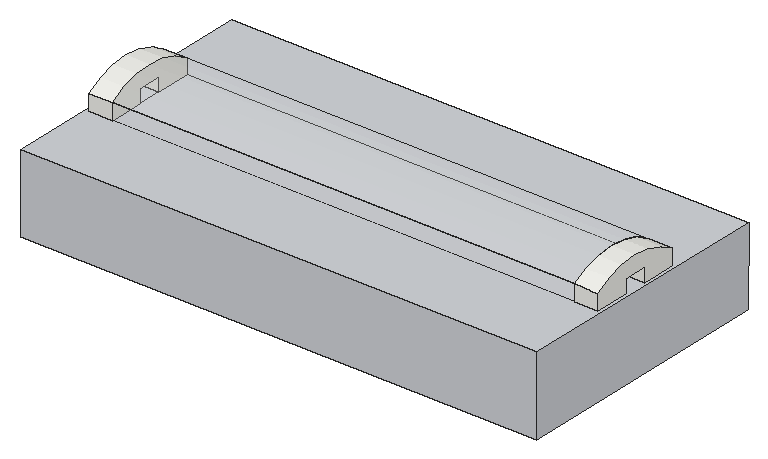
Revit family "M_Luminária embutida - Linear - LED", category Luminárias, Revit 2019
Family settings
  Hospedeiro = Face
  Cota do conector redondo = Utilizar diâmetro
  Tipo de parte = Normal
  Número OmniClass = 23.80.70.11.14
  Título OmniClass = General Luminaries, Directional
  Corte com vazios quando carregada = Não
  Fonte luminosa = Sim
  Compartilhado = Não
  Ponto de cálculo do ambiente = Não
Parameters (values of type "150mm")
  Número de pólos = 1
  Classificação de carga = Iluminação - Unidade de interrupção
  Largura da lâmpada = 30 mm
  Comentários de voltagem = "2.5"
  Wattage = 5 W
  built-in parameter 1150110 = 1 (stored number, unit not read)
  built-in parameter 1114217 = 1 (stored number, unit not read)
  Tilt Angle = 30.00°
  built-in parameter 1150109 = 1 (stored number, unit not read)
  built-in parameter 1150134 = 3
  built-in parameter 1150113 = 1 (stored number, unit not read)
  Arquivo de rede fotométrica = "24LWL22XUX.IES"
  built-in parameter 1150105 = -240125 (stored number, unit not read)
  Lumens = 1250 lm
  built-in parameter 1150115 = 1 (stored number, unit not read)
  built-in parameter 1150137 = (empty or 0)
  built-in parameter 1150139 = (empty or 0)
  Comprimento da luminária = 150 mm
  built-in parameter 1150112 = 1 (stored number, unit not read)
  Material do difusor = Vidro, Branco, Alta Luminosidade
  built-in parameter 1150114 = 1 (stored number, unit not read)
  Lâmpada = "LED"
  built-in parameter 1150132 = (empty or 0)
  built-in parameter 1150102 = (empty or 0)
  built-in parameter 1150107 = 3200 (stored number, unit not read)
  built-in parameter 1150138 = (empty or 0)
  built-in parameter 1150106 = -2401.2 (stored number, unit not read)
  Material de sombra = Aço, acabamento de pintura, marfim, com brilho
  built-in parameter 1150104 = 23.226 (stored number, unit not read)
  Dimming Lamp Color Temperature Shift = (empty or 0)
  Description = ""
  Elevação-padrão = 1200 mm
  Color Filter = 16777215
  built-in parameter 1140040 [instance] = 1
  built-in parameter 1114218 = 1 (stored number, unit not read)
  built-in parameter 1150133 = 10 (stored number, unit not read)
  Apparent Load = 5 VA
  Voltagem = 120 V
Reference planes
  plane 1 "Centro (Frente/Trás)": y = 0
  plane 2: z = 0
  plane 3 "Centro (Esquerda/Direita)": x = 0
  plane 4: y = 15
  plane 5: y = -15
  plane 6: x = -75
  plane 7: x = 75
  plane 8: z = -10.999
  plane 9: x = -82.62
  plane 10: x = 82.62
  plane 11: z = 4.445
  plane 12: y = 3.81
  plane 13: y = -3.81
  plane 14: x = 228.6
  plane 15: z = 614.045
  plane 16: through (0, -4572, 614.045) normal (0.866, 0, -0.5)
  plane 17: through (-259.962, -4572, 163.777) normal (0.5, 0, 0.866)
Forms (mm)
  Extrusion 1, solid
    sketch origin (0, 0, 0) x (1, 0, 0) y (0, 1, 0)
      loop
        line (-83.82, 44.45) -> (-83.82, -41.444) -> (83.82, -41.444) -> (83.82, 44.45) -> (-83.82, 44.45)
    from 0 to -25.4
  Extrusion 2, solid, material "Aço, acabamento de pintura, marfim, com brilho" <- "Material de sombra"
    sketch origin (0, 0, 0) x (0, 1, 0) y (0, 0, 1)
      loop
        line (15, 0) -> (15, 5.086)
        arc (15, 5.086) -> (0, 9.711) -> (-15, 5.086) r 26.634
        line (-15, 5.086) -> (-15, 0) -> (-3.81, 0) -> (-3.81, 4.445) -> (3.81, 4.445) -> (3.81, 0) -> (15, 0)
    from -82.62 to -75
  Extrusion 3, solid, material "Aço, acabamento de pintura, marfim, com brilho" <- "Material de sombra"
    sketch origin (0, 0, 0) x (0, 1, 0) y (0, 0, 1)
      loop
        line (15, 0) -> (15, 5.086)
        arc (15, 5.086) -> (0, 9.711) -> (-15, 5.086) r 26.634
        line (-15, 5.086) -> (-15, 0) -> (-3.81, 0) -> (-3.81, 4.445) -> (3.81, 4.445) -> (3.81, 0) -> (15, 0)
    from 75 to 82.62
  Extrusion 4, solid, material "Vidro, Branco, Alta Luminosidade" <- "Material do difusor"
    sketch origin (0, 0, 0) x (0, 1, 0) y (0, 0, 1)
      loop
        line (15, 0) -> (15, 5.086)
        arc (15, 5.086) -> (0, 9.711) -> (-15, 5.086) r 26.634
        line (-15, 5.086) -> (-15, 0) -> (15, 0)
    from -75 to 75
Lines and regions (mm)
  symbolic lines, detail levels coarse
    curve 1: line (-82.62, 15, 0) -> (82.62, 15, 0)
    curve 2: line (-82.62, -15, 0) -> (-82.62, 15, 0)
    curve 3: line (82.62, -15, 0) -> (-82.62, -15, 0)
    curve 4: line (82.62, 15, 0) -> (82.62, -15, 0)
    curve 5: circle (0, 0, 0) r 3.81 normal (0, 0, 1)
    curve 6: line (3.803, -0.226, 0) -> (81.932, -14.877, 0)
    curve 7: line (-3.803, -0.225, 0) -> (-82.622, -14.965, 0)
    curve 8: line (3.803, 0.226, 0) -> (82.169, 15, 0)
    curve 9: line (3.803, 0.224, 0) -> (82.62, 15.02, 0)
    curve 10: line (3.803, -0.224, 0) -> (81.932, -14.875, 0)
    curve 11: line (-3.803, 0.225, 0) -> (-82.622, 14.965, 0)
Dimensions and locks
  equal spacing: plane 4, plane 1 "Centro (Frente/Trás)", plane 5
  equal spacing: plane 6, plane 3 "Centro (Esquerda/Direita)", plane 7
  "Comprimento da luminária": plane 6 to plane 7
  "Largura da lâmpada": plane 4 to plane 5
  equal spacing: plane 9, plane 3 "Centro (Esquerda/Direita)", plane 10
  plane 9 to plane 10 = 165.24 mm
  plane 11 to plane 2 = 4.445 mm
  equal spacing: plane 12, plane 1 "Centro (Frente/Trás)", plane 13
  plane 12 to plane 13 = 7.62 mm
  plane 3 "Centro (Esquerda/Direita)" to plane 14 = 228.6 mm
  plane 15 to plane 11 = 609.6 mm
  locked: plane 6 to plane 9 at 7.62
  plane 10 to plane 7 = 7.62 mm
  diameter of curve 5 = 7.62 mm
  locked: plane 15 to plane 16 (angle 60.00°)
  locked: plane 17 to plane 15 (angle 30.00°)
  aligned and locked: plane 2 to Extrusion 1
  aligned and locked: level to Extrusion 1
  aligned and locked: plane 17 to imposter light
  aligned and locked: plane 9 to curve 2
  aligned and locked: plane 5 to curve 3
  aligned and locked: curve 1 to plane 4
  aligned and locked: plane 10 to curve 4
  aligned and locked: plane 3 "Centro (Esquerda/Direita)" to curve 5
  aligned and locked: plane 1 "Centro (Frente/Trás)" to curve 5
  aligned and locked: plane 10 to curve 9
  aligned and locked: plane 4 to curve 4
  aligned and locked: Extrusion 2 sketch curve to plane 4
  aligned and locked: Extrusion 2 sketch curve to plane 5
  aligned and locked: plane 12 to Extrusion 2 sketch curve
  aligned and locked: Extrusion 2 sketch curve to plane 11
  aligned and locked: Extrusion 2 sketch curve to plane 13
  aligned and locked: Extrusion 2 to plane 9
  aligned and locked: plane 6 to Extrusion 2
  aligned and locked: Extrusion 3 sketch curve to plane 4
  aligned and locked: Extrusion 3 sketch curve to plane 5
  aligned and locked: plane 12 to Extrusion 3 sketch curve
  aligned and locked: Extrusion 3 sketch curve to plane 13
  aligned and locked: Extrusion 3 sketch curve to plane 11
  aligned and locked: Extrusion 3 to plane 7
  aligned and locked: Extrusion 3 to plane 10
  aligned and locked: Extrusion 4 to plane 6
  aligned and locked: plane 7 to Extrusion 4
Automatic sketch dimensions
  Extrusion 1 sketch curve to Extrusion 1 sketch curve = 167.64 mm
  Extrusion 1 sketch curve to Extrusion 1 sketch curve = 85.894 mm
  curve 8 to plane 4 = 0 mm
  curve 11 to plane 9 = 0.002 mm
  curve 7 to plane 9 = 0.002 mm
  curve 11 to plane 1 "Centro (Frente/Trás)" = 0.225 mm
  plane 1 "Centro (Frente/Trás)" to curve 7 = 0.225 mm
  plane 1 "Centro (Frente/Trás)" to curve 6 = 0.226 mm
  curve 8 to plane 1 "Centro (Frente/Trás)" = 0.226 mm
  curve 9 to plane 1 "Centro (Frente/Trás)" = 0.224 mm
  plane 1 "Centro (Frente/Trás)" to curve 10 = 0.224 mm
  plane 5 to curve 6 = 0.123 mm
  plane 10 to curve 6 = 0.688 mm
  plane 5 to curve 10 = 0.125 mm
  curve 6 to curve 10 = 0 mm
  plane 10 to curve 8 = 0.451 mm
  plane 5 to curve 7 = 0.035 mm
  curve 11 to plane 4 = 0.035 mm
  curve 1 to curve 9 = 0.02 mm
  Extrusion 2 sketch curve to level = 0 mm  (x2)
  Extrusion 2 sketch curve to plane 1 "Centro (Frente/Trás)" = 0 mm
  Extrusion 2 sketch curve to plane 8 = 5.925 mm
  plane 11 to Extrusion 2 sketch curve = 0.641 mm
  Extrusion 3 sketch curve to level = 0 mm  (x2)
  Extrusion 3 sketch curve to plane 1 "Centro (Frente/Trás)" = 0 mm
  Extrusion 3 sketch curve to plane 8 = 5.925 mm
  plane 11 to Extrusion 3 sketch curve = 0.641 mm
  Extrusion 4 sketch curve to plane 5 = 0 mm
  Extrusion 4 sketch curve to plane 1 "Centro (Frente/Trás)" = 0 mm
  Extrusion 4 sketch curve to plane 4 = 0 mm
  Extrusion 4 sketch curve to plane 8 = 5.925 mm
  plane 11 to Extrusion 4 sketch curve = 0.641 mm
  Extrusion 4 sketch curve to level = 0 mm
Connectors
  electrical at (0, 0, 0), driven by "Voltagem", driven by "Apparent Load"
    settings: on Extrusion 4, index 1, voltage 120 V, apparent load 0 VA, apparent load phase1 5 VA, apparent load phase2 0 VA, apparent load phase3 0 VA, power factor 0.95, load classification "Iluminação - Unidade de interrupção", number of poles 1, system type 31, power factor state 1, is connector primary yes, connector utility no, sub classification motor no, connector description ""
Types in the file's own list only (5): name | Comentários de voltagem | Ângulo de inclinação | Comprimento da luminária | Filtro de cor | Carga aparente | Voltagem
  300mm | "5" | 30.00° | 7620 mm | 16777215 | 5 VA | 120 V
  450mm | "7.5" | 30.00° | 11430 mm | 16777215 | 5 VA | 240 V
  600mm | "10" | 30.00° | 15240 mm | 16777215 | 5 VA | 240 V
  900mm | "15" | 30.00° | 22860 mm | 16777215 | 5 VA | 277 V
  1200mm | "20" | 30.00° | 30480 mm | 16777215 | 5 VA | 277 V
